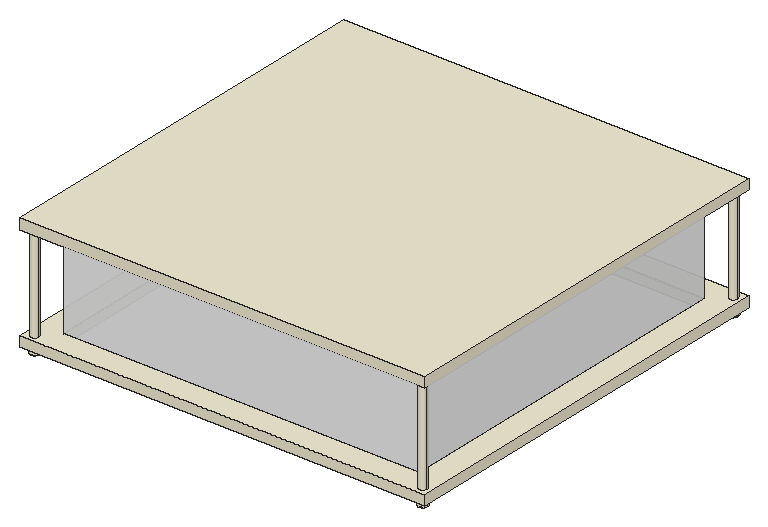
Revit family "3-683-xx Modulo Ceiling Mount", category Luminarias, Revit 2021
Family settings
  Anfitrión = Techo
  Cota de conector redondo = Diámetro de uso
  Tipo de pieza = Normal
  Número OmniClass = 23.80.70.11
  Título OmniClass = Luminaries for Internal Lighting
  Siempre vertical = Sí
  Corte con vacíos al cargar = No
  Origen de luz = Sí
  Compartido = No
  Punto de cálculo de habitación = No
Parameters (values of type "3-683-24 / Satin Nickel - Matte White Acrylic")
  Ángulo de inclinación = 90.00°  # constant formula
  Elevación por defecto = 0 mm
  Comentarios de vataje = "1 x 26.2 W at 120 V"  # constant formula
  Wattage = 26.2 W
  built-in parameter 1150110 = 1 (stored number, unit not read)
  Voltage Input = "120 V or 277 V - 50/60 Hz"  # constant formula
  Voltage = 120 V
  URL = "www.oxygenlighting.com"
  built-in parameter 1114217 = 1 (stored number, unit not read)
  built-in parameter 1150109 = 1 (stored number, unit not read)
  built-in parameter 1150134 = (empty or 0)
  built-in parameter 1150113 = 1 (stored number, unit not read)
  References = "Ref. 3 = 120 V / Ref. 37 = 277 V"  # constant formula
  Modelo = "3-683-xx / Modulo Ceiling Mount"  # constant formula
  Metal Finish = 24 - Satin Nickel
  Fabricante = "Oxygen Lighting and Fans"  # constant formula
  Main Diffuser = Matte White Acrylic
  Lumens = 1742.3 lm
  built-in parameter 1150115 = 1 (stored number, unit not read)
  built-in parameter 1150105 = 138.65 (stored number, unit not read)
  built-in parameter 1150137 = (empty or 0)
  built-in parameter 1150139 = (empty or 0)
  built-in parameter 1150112 = 1 (stored number, unit not read)
  built-in parameter 1150114 = 1 (stored number, unit not read)
  Lámpara = "LED Array"  # constant formula
  built-in parameter 1150132 = (empty or 0)
  built-in parameter 1150102 = (empty or 0)
  built-in parameter 1150138 = (empty or 0)
  built-in parameter 1150107 = 3000 (stored number, unit not read)
  built-in parameter 1150106 = 1.3865 (stored number, unit not read)
  built-in parameter 1150104 = 6.1781 (stored number, unit not read)
  Dimming Lamp Color Temperature Shift = (empty or 0)
  Color Filter = 16777215
  built-in parameter 1114218 = 1 (stored number, unit not read)
  Archivo de red fotométrica = "3-683 Modulo Ceiling Mount.ies"
  built-in parameter 1150133 = 10 (stored number, unit not read)
Types (2, lengths in mm): name | Metal Finish
  3-683-24 / Satin Nickel - Matte White Acrylic | 24 - Satin Nickel
  3-683-40 / Satin Nickel - Matte White Acrylic | 40 - Aged Brass
Reference planes
  plane 1 "Light Source Axis (F/B)": y = 0
  plane 2: z = 0
  plane 3 "Light Source Axis (L/R)": x = 0
  plane 4 "Ceiling": z = 4000
  plane 5 "Light Source Elevation": z = 3892.888
Dimensions and locks
  equal spacing: host sketch curve, plane 3 "Light Source Axis (L/R)", host sketch curve
  equal spacing: host sketch curve, plane 1 "Light Source Axis (F/B)", host sketch curve
  host sketch curve to host sketch curve = 4000 mm  (x2)
  plane 4 "Ceiling" to host ceiling = 0 mm
  aligned and locked: plane 3 "Light Source Axis (L/R)" to imposter light
  aligned and locked: plane 1 "Light Source Axis (F/B)" to imposter light
  aligned and locked: plane 5 "Light Source Elevation" to imposter light
  aligned and locked: plane 3 "Light Source Axis (L/R)" to nested 1
  aligned and locked: plane 1 "Light Source Axis (F/B)" to nested 1
  aligned and locked: nested 1 to plane 4 "Ceiling"
  aligned and locked: plane 5 "Light Source Elevation" to nested 1
Nested families
  nested 1: "Base" at (0, 0, 4000), type "Base"
Connectors
  electrical at (0, 0, 4000), driven by "Voltage"
    settings: on nested 1, index 1, voltage 120 V, apparent load 0 VA, apparent load phase1 0 VA, apparent load phase2 0 VA, apparent load phase3 0 VA, power factor 1, load classification "Other", number of poles 1, system type 31, power factor state 1, is connector primary yes, connector utility no, sub classification motor no, connector description ""
Definition of nested family "Base"
  Parameters
    Metal Finish = none
    Main Diffuser = none
    Default Elevation = 0 mm
  Reference planes
    plane 1 "Center (Front/Back)": y = 0
    plane 2: z = 0
    plane 3 "Center (Left/Right)": x = 0
  Forms (mm)
    Extrusion 1, solid, material <- "Metal Finish"
      sketch origin (0, 0, 0) x (1, 0, 0) y (0, 1, 0)
        loop
          line (-205.613, 205.613) -> (-205.613, -205.613) -> (205.613, -205.613) -> (205.613, 205.613) -> (-205.613, 205.613)
        loop
          line (-181.25, -181.25) -> (181.25, -181.25) -> (181.25, 181.25) -> (-181.25, 181.25) -> (-181.25, -181.25)
      from -117.508 to -107.112
    Extrusion 2, solid, material <- "Metal Finish"
      sketch origin (0, 0, 0) x (1, 0, 0) y (0, 1, 0)
        loop
          line (-205.613, 205.613) -> (-205.613, -205.613) -> (205.613, -205.613) -> (205.613, 205.613) -> (-205.613, 205.613)
      from -10.396 to 0
    Extrusion 3, solid, material <- "Main Diffuser"
      sketch origin (0, 0, 0) x (1, 0, 0) y (0, 1, 0)
        loop
          line (-181.25, 181.25) -> (-181.25, -181.25) -> (181.25, -181.25) -> (181.25, 181.25) -> (-181.25, 181.25)
      from -107.112 to -10.396
    Revolve 4, solid, material <- "Metal Finish"
      sketch origin (0, 197.203, 0) x (1, 0, 0) y (0, 0, 1)
        loop
          arc (-202.148, -122.654) -> (-199.833, -123.967) -> (-197.212, -124.422) r 7.771
          line (-197.212, -124.422) -> (-197.212, -117.508) -> (-202.148, -117.508) -> (-202.148, -122.654)
        loop
          line (-201.097, -107.112) -> (-197.212, -107.112) -> (-197.212, -10.396) -> (-201.097, -10.396) -> (-201.097, -107.112)
        axis (-197.212, -124.422) -> (-197.212, -10.396)
      angle from 0 to 360
    Revolve 5, solid, material <- "Metal Finish"
      sketch origin (394.529, 197.203, 0) x (1, 0, 0) y (0, 0, 1)
        loop
          arc (-202.148, -122.654) -> (-199.833, -123.967) -> (-197.212, -124.422) r 7.771
          line (-197.212, -124.422) -> (-197.212, -117.508) -> (-202.148, -117.508) -> (-202.148, -122.654)
        loop
          line (-201.097, -107.112) -> (-197.212, -107.112) -> (-197.212, -10.396) -> (-201.097, -10.396) -> (-201.097, -107.112)
        axis (-197.212, -124.422) -> (-197.212, -10.396)
      angle from 0 to 360
    Revolve 6, solid, material <- "Metal Finish"
      sketch origin (0, -197.421, 0) x (1, 0, 0) y (0, 0, 1)
        loop
          arc (-202.148, -122.654) -> (-199.833, -123.967) -> (-197.212, -124.422) r 7.771
          line (-197.212, -124.422) -> (-197.212, -117.508) -> (-202.148, -117.508) -> (-202.148, -122.654)
        loop
          line (-201.097, -107.112) -> (-197.212, -107.112) -> (-197.212, -10.396) -> (-201.097, -10.396) -> (-201.097, -107.112)
        axis (-197.212, -124.422) -> (-197.212, -10.396)
      angle from 0 to 360
    Revolve 7, solid, material <- "Metal Finish"
      sketch origin (394.529, -197.421, 0) x (1, 0, 0) y (0, 0, 1)
        loop
          arc (-202.148, -122.654) -> (-199.833, -123.967) -> (-197.212, -124.422) r 7.771
          line (-197.212, -124.422) -> (-197.212, -117.508) -> (-202.148, -117.508) -> (-202.148, -122.654)
        loop
          line (-201.097, -107.112) -> (-197.212, -107.112) -> (-197.212, -10.396) -> (-201.097, -10.396) -> (-201.097, -107.112)
        axis (-197.212, -124.422) -> (-197.212, -10.396)
      angle from 0 to 360
  Dimensions and locks
    aligned and locked: level to plane 2
